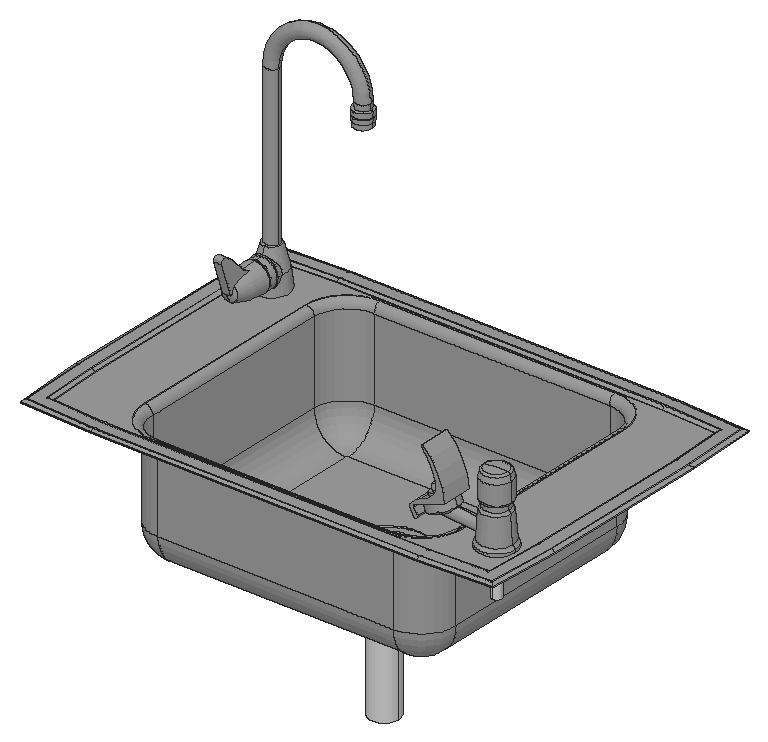
Revit family "equip-sink-clsrm-elkay-s-celebrity-cdkrad2517c", category Plumbing Fixtures, Revit 2019 (continued)
Definition of nested family "equip-faucet-elkay-LKD208513-L"
  Automatic sketch dimensions
    curve 14 to curve 5 = 0' - 0"
    curve 5 to curve 13 = 0' - 0 3/4"
    curve 4 to curve 13 = 0' - 0"
    Sweep 1 sketch curve to plane 1 "Center (Front/Back)" = 0' - 0"
    Sweep 1 sketch curve to Sweep 1 sketch curve = 0' - 2 3/8"
    plane 5 "Masking Region" to Sweep 1 sketch curve = 0' - 0 7/8"
    plane 5 "Masking Region" to Sweep 1 sketch curve = 0' - 8.3441"
    Sweep 1 sketch curve to Sweep 1 sketch curve = 0' - 0.78036"
    Sweep 1 sketch curve to plane 3 "Center (Left/Right)" = 0' - 0"
    Sweep 1 sketch curve to profile plane = 0' - 0"
    Revolve 2 sketch curve to Revolve 2 sketch curve = 0' - 0"  (x3)
    Revolve 2 sketch curve to level = 0' - 0"  (x2)
    Revolve 2 sketch curve to plane 3 "Center (Left/Right)" = 0' - 0"  (x2)
    Revolve 2 sketch curve to level = 0' - 0.23614"
    Revolve 2 sketch curve to plane 3 "Center (Left/Right)" = 0' - 6.12077"
    plane 3 "Center (Left/Right)" to Revolve 2 sketch curve = 0' - 0.29525"
    Revolve 2 sketch curve to Revolve 2 sketch curve = 0' - 0.17375"
    Revolve 2 sketch curve to plane 5 "Masking Region" = 0' - 0.28404"
    plane 3 "Center (Left/Right)" to Revolve 2 sketch curve = 0' - 0.77524"
    Revolve 2 sketch curve to Revolve 2 sketch curve = 0' - 0.107"
    Revolve 3 sketch curve to Revolve 3 sketch curve = 0' - 0.01732"
    Revolve 3 sketch curve to Revolve 3 sketch curve = 0' - 0"  (x3)
    Revolve 3 sketch curve to Revolve 3 sketch curve = 0' - 0.0035"
    Revolve 3 sketch curve to Revolve 3 sketch curve = 0' - 0.03176"
    Revolve 3 sketch curve to Revolve 3 sketch curve = 0' - 0.085"
    Revolve 3 sketch curve to Revolve 3 sketch curve = 0' - 0.22789"
    Revolve 3 sketch curve to Revolve 3 sketch curve = 0' - 0.30543"
    plane 5 "Masking Region" to Revolve 3 sketch curve = 0' - 8.01525"
    Revolve 3 sketch curve to Revolve 3 sketch curve = 0' - 0.265"
    Revolve 3 sketch curve to Revolve 3 sketch curve = 0' - 0.185"
    Revolve 3 sketch curve to Revolve 3 sketch curve = 0' - 0.05968"
    Revolve 3 sketch curve to Revolve 3 sketch curve = 0' - 0.096"
    Revolve 3 sketch curve to Revolve 3 sketch curve = 0' - 0.23"
    Revolve 3 sketch curve to Revolve 3 sketch curve = 0' - 0.14661"
    Masking region 1 sketch curve to plane 3 "Center (Left/Right)" = 0' - 0"
    Masking region 1 sketch curve to plane 1 "Center (Front/Back)" = 0' - 0.00168"
    plane 3 "Center (Left/Right)" to Masking region 1 sketch curve = 0' - 0"
    plane 1 "Center (Front/Back)" to Masking region 1 sketch curve = 0' - 0.00168"
    plane 1 "Center (Front/Back)" to Masking region 2 sketch curve = 0' - 0"
    plane 1 "Center (Front/Back)" to curve 9 = 0' - 0"
    curve 9 to plane 3 "Center (Left/Right)" = 0' - 0"
    plane 6 "CL Back Conn" to curve 20 = 0' - 0.27501"
    curve 20 to curve 19 = 0' - 0"  (x2)
    plane 6 "CL Back Conn" to curve 21 = 0' - 0.39804"
    curve 21 to curve 21 = 0' - 0.14744"
    curve 9 to plane 7 "CL Front Conn" = 0' - 0.0783"  (x2)
    curve 19 to plane 7 "CL Front Conn" = 0' - 0.27499"
    curve 9 to curve 18 = 0' - 0.31973"
    curve 18 to curve 18 = 0' - 0.14744"
    curve 9 to plane 3 "Center (Left/Right)" = 0' - 0 3/8"
    curve 18 to curve 9 = 0' - 0.20061"
    curve 21 to plane 3 "Center (Left/Right)" = 0' - 0.57561"
    curve 19 to curve 18 = 0' - 0.44464"
    curve 20 to curve 19 = 0' - 0.11475"
    Masking region 3 sketch curve to plane 3 "Center (Left/Right)" = 0' - 1.06891"  (x2)
    Masking region 3 sketch curve to Masking region 3 sketch curve = 0' - 0.01748"
    Masking region 3 sketch curve to Masking region 3 sketch curve = 0' - 0.02693"
    Masking region 3 sketch curve to Masking region 3 sketch curve = 0' - 0.06211"  (x2)
    Masking region 3 sketch curve to Masking region 3 sketch curve = 0' - 0.01698"  (x2)
    Masking region 3 sketch curve to Masking region 3 sketch curve = 0' - 0.22302"  (x2)
    plane 6 "CL Back Conn" to Masking region 3 sketch curve = 0' - 0.18897"
    Masking region 3 sketch curve to plane 6 "CL Back Conn" = 0' - 0 11/256"
    plane 1 "Center (Front/Back)" to Masking region 3 sketch curve = 0' - 0.00066"
    plane 7 "CL Front Conn" to Masking region 3 sketch curve = 0' - 0 11/256"
    Masking region 3 sketch curve to plane 7 "CL Front Conn" = 0' - 0.18896"
    Masking region 3 sketch curve to plane 7 "CL Front Conn" = 0' - 0.27499"
    Masking region 3 sketch curve to Masking region 3 sketch curve = 0' - 0.01801"
    Masking region 3 sketch curve to Masking region 3 sketch curve = 0' - 0.04464"
    Masking region 3 sketch curve to plane 3 "Center (Left/Right)" = 0' - 1.135"
    Masking region 3 sketch curve to Masking region 3 sketch curve = 0' - 0"
    Masking region 3 sketch curve to Masking region 3 sketch curve = 0' - 0.1075"
    Masking region 3 sketch curve to Masking region 3 sketch curve = 0' - 0.11475"  (x2)
    Masking region 3 sketch curve to Masking region 3 sketch curve = 0' - 0.3843"  (x2)
    Masking region 3 sketch curve to Masking region 3 sketch curve = 0' - 0.00045"  (x2)
    Masking region 3 sketch curve to Masking region 3 sketch curve = 0' - 0.17658"
    Masking region 3 sketch curve to Masking region 3 sketch curve = 0' - 0.17856"
    Masking region 4 sketch curve to plane 6 "CL Back Conn" = 0' - 0 11/256"
    plane 7 "CL Front Conn" to Masking region 4 sketch curve = 0' - 0 11/256"
    Masking region 4 sketch curve to plane 3 "Center (Left/Right)" = 0' - 3.51977"
    Masking region 4 sketch curve to plane 3 "Center (Left/Right)" = 0' - 1.40178"
    Masking region 3 sketch curve to plane 1 "Center (Front/Back)" = 0' - 0.525"
    Masking region 3 sketch curve to Masking region 3 sketch curve = 0' - 0.00281"  (x2)
    Masking region 3 sketch curve to Masking region 3 sketch curve = 0' - 2.94083"  (x2)
    Sweep 1 sketch curve to plane 7 "CL Front Conn" = 0' - 2 1/8"
    Revolve 3 sketch curve to plane 7 "CL Front Conn" = 0' - 5.03331"
    Masking region 1 sketch curve to plane 7 "CL Front Conn" = 0' - 0.542"
    Masking region 1 sketch curve to plane 3 "Center (Left/Right)" = 0' - 0.37029"
    Revolve 8 sketch curve to plane 3 "Center (Left/Right)" = 0' - 0"
    Revolve 8 sketch curve to plane 3 "Center (Left/Right)" = 0' - 0.5805"
    Revolve 8 sketch curve to Revolve 8 sketch curve = 0' - 0.07864"
    Revolve 8 sketch curve to Revolve 8 sketch curve = 0' - 0.08014"
    Revolve 8 sketch curve to Revolve 8 sketch curve = 0' - 0"
    Revolve 8 sketch curve to plane 3 "Center (Left/Right)" = 0' - 0.77227"
    Revolve 8 sketch curve to Revolve 8 sketch curve = 0' - 0.35961"
    Revolve 8 sketch curve to plane 5 "Masking Region" = 0' - 0 9/32"  (x2)
    plane 11 "Left" to Revolve 8 sketch curve = 0' - 2.89627"
    plane 11 "Left" to Revolve 8 sketch curve = 0' - 1.87602"
    plane 5 "Masking Region" to Revolve 8 sketch curve = 0' - 0.37869"
    Revolve 8 sketch curve to plane 4 "Bottom of Stem" = 0' - 3.15686"
    plane 5 "Masking Region" to Revolve 8 sketch curve = 0' - 0.4665"
    Revolve 6 sketch curve to plane 11 "Left" = 0' - 0.05701"
    Revolve 6 sketch curve to Revolve 6 sketch curve = 0' - 0"  (x2)
    plane 11 "Left" to Revolve 6 sketch curve = 0' - 0.14075"
    plane 5 "Masking Region" to Revolve 6 sketch curve = 0' - 0.24375"
    Revolve 6 sketch curve to plane 3 "Center (Left/Right)" = 0' - 1.135"
    Revolve 6 sketch curve to plane 4 "Bottom of Stem" = 0' - 0.66696"
    Revolve 6 sketch curve to plane 3 "Center (Left/Right)" = 0' - 1.06817"
    Revolve 6 sketch curve to Revolve 6 sketch curve = 0' - 0.11475"  (x2)
    Revolve 6 sketch curve to plane 4 "Bottom of Stem" = 0' - 1.0379"
    Revolve 6 sketch curve to plane 10 "Right" = 0' - 3.90222"
    Revolve 6 sketch curve to plane 5 "Masking Region" = 0' - 0 9/32"
    Extrusion 5 sketch curve to plane 11 "Left" = 0' - 0"
    Extrusion 5 sketch curve to plane 11 "Left" = 0' - 0.13961"
    Extrusion 5 sketch curve to Extrusion 5 sketch curve = 0' - 0.4735"
    Extrusion 5 sketch curve to plane 5 "Masking Region" = 0' - 0 9/32"
    plane 11 "Left" to Extrusion 5 sketch curve = 0' - 0.3035"
    Extrusion 5 sketch curve to Extrusion 5 sketch curve = 0' - 0.43428"
    Extrusion 5 sketch curve to Extrusion 5 sketch curve = 0' - 0.19985"
    Extrusion 5 sketch curve to Extrusion 5 sketch curve = 0' - 0.36517"
    Extrusion 5 sketch curve to Extrusion 5 sketch curve = 0' - 0.2375"
    Extrusion 5 sketch curve to plane 10 "Right" = 0' - 3.90222"
    plane 5 "Masking Region" to Extrusion 5 sketch curve = 0' - 0.37654"
    Extrusion 5 sketch curve to Extrusion 5 sketch curve = 0' - 0.08321"
    Extrusion 5 sketch curve to Extrusion 5 sketch curve = 0' - 0.13034"
    Extrusion 5 sketch curve to Extrusion 5 sketch curve = 0' - 0.07775"
    Extrusion 5 sketch curve to Extrusion 5 sketch curve = 0' - 0.23774"
    Extrusion 5 sketch curve to plane 11 "Left" = 0' - 0.05701"
    Masking region 2 sketch curve to plane 3 "Center (Left/Right)" = 0' - 0"  (x2)
    Masking region 2 sketch curve to plane 3 "Center (Left/Right)" = 0' - 0 3/8"
    Masking region 2 sketch curve to plane 9 "Front" = 0' - 3.55779"
    Masking region 2 sketch curve to Masking region 2 sketch curve = 0' - 0.33541"
    curve 25 to plane 3 "Center (Left/Right)" = 0' - 0"
    curve 25 to curve 25 = 0' - 0 3/8"
    curve 25 to plane 9 "Front" = 0' - 3 229/256"
    curve 24 to curve 24 = 0' - 0.33674"
    curve 25 to curve 26 = 0' - 0.33674"
    radius of Sweep 1 sketch curve = 0' - 0 3/8"
  Connectors (in)
    piping at (0, -0.2500092, -2.12225), diameter 0.375, driven by "Nominal Radius", driven by "HW Flow Rate"
      settings: on Extrusion 4, index 1, connector inside diameter 3/8", connector length 0' - 0", flow factor 0, pipe flow 2 GPM, pressure drop 0.00 psi, fitting loss kfactor 0, connector angle 0.00°, fixture units 0, engagement length 0' - 0", angle of deflection 0.00°, flow configuration 1, flow direction 1, fitting loss method 0, system type 29, joint type 0, gender type 0, connector reference index -1, connector utility 0, adjustable connector no, is connector primary yes, connector description "Hot Water Supply"
    piping at (0, 0.2499908, -2.12225), diameter 0.375, driven by "CW Flow Rate", driven by "Nominal Radius"
      settings: on Extrusion 7, index 2, connector inside diameter 3/8", connector length 0' - 0", flow factor 0, pipe flow 2 GPM, pressure drop 0.00 psi, fitting loss kfactor 0, connector angle 0.00°, fixture units 0, engagement length 0' - 0", angle of deflection 0.00°, flow configuration 1, flow direction 1, fitting loss method 0, system type 29, joint type 0, gender type 0, connector reference index -1, connector utility 0, adjustable connector no, is connector primary no, connector description "Cold Water Supply"
Definition of nested family "equip-bubbler-elkay-LK1141A"
  Parameters
    Stem Material = none
    Nominal Radius = Nominal Dia / 2  # 0' - 0 1/4"
    Nominal Dia = 0' - 0 1/2"
    Default Elevation = 0' - 0"
    CW Flow Rate = 2 GPM
    Bubbler Material = none
  Reference planes (in)
    plane 1 "Center (Front/Back)": y = 0
    plane 2 "Sink Deck": z = 0
    plane 3 "Center (Left/Right)": x = 0
    plane 4 "Top of Stem": z = -1.8338436
    plane 5 "Bottom of Stem": z = -2.396449
    plane 6: y = -0.5313496
    plane 7: y = 0.4090766
    plane 8 "Masking Region": z = 1.25
  Forms (in)
    Revolve 1, solid, material <- "Bubbler Material"
      sketch origin (0, 0, 0) x (0, 1, 0) y (0, 0, 1)
        loop
          arc (0.5914336, 3.612634) -> (0.2965257, 3.6454053) -> (0, 3.6562291) r 4.0007498
          line (0, 3.6562291) -> (0, -0.1593348) -> (0.875164, -0.1593348) -> (0.875164, 0) -> (0.9701818, 0) -> (0.9701818, 0.1251373)
          arc (0.9701818, 0.1251373) -> (0.8853055, 0.2072757) -> (0.8475999, 0.3192087) r 0.2500469
          line (0.8475999, 0.3192087) -> (0.7501405, 1.7129414) -> (0.656373, 1.8753514) -> (0.656373, 2.1759516) -> (0.7076326, 2.1759516)
          arc (0.7076326, 2.1759516) -> (0.751835, 2.1942608) -> (0.7701443, 2.2384633) r 0.0625117
          line (0.7701443, 2.2384633) -> (0.7701443, 3.2363745) -> (0.6938299, 3.5211835)
          arc (0.6938299, 3.5211835) -> (0.6563073, 3.5822212) -> (0.5914336, 3.612634) r 0.1250234
        axis (0, 3.6562291) -> (0, -0.1593348)
      angle from 0 to 360
    Sweep 2, solid, material <- "Bubbler Material"
      path origin (0, 0, 0) x (0, 1, 0) y (0, 0, 1)
        loop
          line (-2.8502562, 0.8440117) -> (-0.5626054, 0.6280675)
      profile origin (0, -1.7064308, 0.7360396) x (0, 0.093978, 0.995574) y (1, 0, 0)
        loop
          circle (0, 0) r 0.3125
    Revolve 3, solid, material <- "Bubbler Material"
      sketch origin (0, 0, 0) x (0, 1, 0) y (0, 0, 1)
        loop
          line (-2.1521723, 1.5437962) -> (-2.4412307, 1.4385875) -> (-2.5464081, 1.7275601) -> (-2.7263375, 1.6620711) -> (-2.7533622, 1.7363208) -> (-2.8858066, 1.925471) -> (-3.0892381, 1.851428) -> (-2.6894923, 0.728533) -> (-2.4188322, 0.7009063) -> (-1.9964574, 1.1159728) -> (-2.1521723, 1.5437962)
        axis (-3.0897506, 1.8528678) -> (-2.6503201, 0.6184976)
      angle from 0 to 360
    Extrusion 4, solid, material <- "Bubbler Material"
      sketch origin (0, 0, 0) x (0, 1, 0) y (0, 0, 1)
        loop
          spline (-2.0645159, 1.5454225) -> (-2.0914575, 1.7681631) -> (-2.1317037, 1.988888) -> (-2.1851098, 2.2068031) -> (-2.2514837, 2.4211246) -> (-2.3305865, 2.6310814) -> (-2.4221338, 2.8359184) -> (-2.5257963, 3.0348987) -> (-2.6412009, 3.2273065) -> (-2.7679327, 3.4124497) -> (-2.9055357, 3.5896623) -> (-3.0535149, 3.7583068) -> (-3.2113381, 3.9177766)
          line (-3.2113381, 3.9177766) -> (-3.2507412, 3.8994028)
          arc (-3.2507412, 3.8994028) -> (-3.2859395, 3.8580672) -> (-3.2776762, 3.8044085) r 0.0652474
          line (-3.2776762, 3.8044085) -> (-3.1864297, 3.6657079) -> (-3.1671955, 3.6392596) -> (-3.146438, 3.6112881) -> (-3.1242823, 3.5819839) -> (-3.1029382, 3.5542257) -> (-2.9435289, 3.3265251) -> (-2.8053182, 3.0812272) -> (-2.6917919, 2.8234271) -> (-2.6373, 2.6712074) -> (-2.5965336, 2.5316473) -> (-2.5655835, 2.40285) -> (-2.5423986, 2.2833308) -> (-2.5366648, 2.2425377) -> (-2.5332039, 2.1987928) -> (-2.5325358, 2.1511599) -> (-2.5354917, 2.0988663) -> (-2.5432371, 2.0412932) -> (-2.6123404, 1.8352346) -> (-2.6620685, 1.7513877) -> (-2.7273571, 1.6680712)
          arc (-2.7273571, 1.6680712) -> (-2.819005, 1.5758208) -> (-2.9296066, 1.5074337) r 0.55487
          line (-2.9296066, 1.5074337) -> (-3.3932885, 1.2912149) -> (-3.5618361, 1.2126197) -> (-3.8924082, 0.9084335)
          spline (-3.8924082, 0.9084335) -> (-3.8985686, 0.9021299) -> (-3.903986, 0.8951774) -> (-3.9085926, 0.887663) -> (-3.9123307, 0.8796809) -> (-3.9151535, 0.871331) -> (-3.9170256, 0.8627179) -> (-3.9179237, 0.8539496) -> (-3.9178363, 0.8451358) -> (-3.9167646, 0.836387) -> (-3.9147221, 0.8278126) -> (-3.9117344, 0.8195202) -> (-3.9078387, 0.8116135)
          line (-3.9078387, 0.8116135) -> (-3.6678021, 0.3862632)
          arc (-3.6678021, 0.3862632) -> (-3.6470836, 0.3693458) -> (-3.6203365, 0.3695683) r 0.0393775
          line (-3.6203365, 0.3695683) -> (-3.5144583, 0.4081048)
          spline (-3.5144583, 0.4081048) -> (-3.5092396, 0.4104463) -> (-3.5044152, 0.4135192) -> (-3.5000869, 0.4172587) -> (-3.496346, 0.4215858) -> (-3.4932715, 0.4264092) -> (-3.4909283, 0.4316272) -> (-3.4893657, 0.4371296) -> (-3.4886167, 0.4428003) -> (-3.4886973, 0.4485198) -> (-3.4896056, 0.4541672) -> (-3.4913224, 0.4596234) -> (-3.4938117, 0.4647734)
          line (-3.4938117, 0.4647734) -> (-3.6833603, 0.8590488)
          spline (-3.6833603, 0.8590488) -> (-3.6881631, 0.8693314) -> (-3.691438, 0.8801977) -> (-3.6931171, 0.8914218) -> (-3.6931654, 0.9027707) -> (-3.691582, 0.9140088) -> (-3.6883997, 0.9249026) -> (-3.6836845, 0.9352259) -> (-3.6775346, 0.9447643) -> (-3.6700774, 0.9533197) -> (-3.661468, 0.9607144) -> (-3.6518851, 0.966795) -> (-3.6415278, 0.971435)
          line (-3.6415278, 0.971435) -> (-2.0645159, 1.5454225)
      from -0.7801168 to 0.7800503
    Extrusion 5, solid, material <- "Stem Material"
      sketch origin (0, 0, 0) x (1, 0, 0) y (0, 1, 0)
        loop
          circle (0, 0) r 0.25
      from -2.396449 to 0
  Cuts and joins
    joined: Revolve 1, Sweep 2
  Lines and regions (in)
    Masking region 1
      outline origin (0, 0, 1.25) x (0, -1, 0) y (1, 0, 0)
        loop
          line (3.9197519, 0.7800503) -> (2.0645159, 0.7800503) -> (2.0645159, 0.3125) -> (0.9184751, 0.3125)
          arc (0.9184751, 0.3125) -> (-0.9701818, 0) -> (0.9184751, -0.3125) r 0.9701818
          line (0.9184751, -0.3125) -> (2.0645159, -0.3125) -> (2.0645159, -0.7801168) -> (3.9197519, -0.7801168) -> (3.9197519, 0.7800503)
    reference lines, not visible
      curve 1: circle (0, 0, -2.396449) r 0.25 normal (0, 0, 1)
    symbolic lines
      curve 2: line (-0.3125, -2.0645159, 1.25) -> (0.3125, -2.0645159, 1.25)
      curve 3: arc (0.3125, -0.9184751, 1.25) -> (0, -0.9701818, 1.25) -> (-0.3125, -0.9184751, 1.25) r 0.9701818
      curve 4: circle (0, 0, 1.25) r 0.7501405 normal (0, 0, 1)
  Dimensions and locks (in)
    level to plane 5 "Bottom of Stem" = 0' - 2.39645"
    locked: plane 8 "Masking Region" to plane 2 "Sink Deck" at 1.25
    "Nominal Radius": radius of curve 1
    aligned and locked: Extrusion 5 sketch curve to curve 1
    aligned and locked: Extrusion 5 to plane 5 "Bottom of Stem"
    aligned and locked: level to Extrusion 5
  Automatic sketch dimensions
    plane 1 "Center (Front/Back)" to curve 1 = 0' - 0"
    curve 1 to plane 3 "Center (Left/Right)" = 0' - 0"
    Sweep 2 sketch curve to plane 3 "Center (Left/Right)" = 0' - 0"
    Sweep 2 sketch curve to profile plane = 0' - 0"
    curve 3 to curve 4 = 0' - 0"  (x2)
    plane 1 "Center (Front/Back)" to curve 3 = 0' - 0"
    curve 3 to plane 3 "Center (Left/Right)" = 0' - 0"
    curve 3 to plane 6 = 0' - 0.38713"
    curve 3 to plane 3 "Center (Left/Right)" = 0' - 0 5/16"
    curve 3 to curve 3 = 0' - 0"
    plane 3 "Center (Left/Right)" to curve 2 = 0' - 0 5/16"
    curve 3 to curve 2 = 0' - 1.14604"
    curve 2 to plane 3 "Center (Left/Right)" = 0' - 0 5/16"
    plane 1 "Center (Front/Back)" to Masking region 1 sketch curve = 0' - 0"
    Masking region 1 sketch curve to plane 3 "Center (Left/Right)" = 0' - 0"
    Masking region 1 sketch curve to plane 6 = 0' - 0.38713"
    plane 3 "Center (Left/Right)" to Masking region 1 sketch curve = 0' - 0 5/16"
    Masking region 1 sketch curve to Masking region 1 sketch curve = 0' - 0"  (x2)
    Masking region 1 sketch curve to Masking region 1 sketch curve = 0' - 1.14604"
    plane 3 "Center (Left/Right)" to Masking region 1 sketch curve = 0' - 0.78005"
    Masking region 1 sketch curve to Masking region 1 sketch curve = 0' - 1.85524"
    Masking region 1 sketch curve to Masking region 1 sketch curve = 0' - 0.46762"
    Revolve 1 sketch curve to plane 1 "Center (Front/Back)" = 0' - 0"  (x2)
    Revolve 1 sketch curve to level = 0' - 0"
    Revolve 1 sketch curve to plane 1 "Center (Front/Back)" = 0' - 0.00242"
    plane 7 to Revolve 1 sketch curve = 0' - 0.16395"
    Revolve 1 sketch curve to Revolve 1 sketch curve = 0' - 0.01841"
    Revolve 1 sketch curve to Revolve 1 sketch curve = 0' - 0"  (x3)
    plane 7 to Revolve 1 sketch curve = 0' - 0.2473"
    Revolve 1 sketch curve to Revolve 1 sketch curve = 0' - 0.1208"
    Revolve 1 sketch curve to Revolve 1 sketch curve = 0' - 0.05126"
    Revolve 1 sketch curve to Revolve 1 sketch curve = 0' - 0 3/32"
    Revolve 1 sketch curve to Revolve 1 sketch curve = 0' - 0 1/16"
    plane 7 to Revolve 1 sketch curve = 0' - 0.43852"
    Revolve 1 sketch curve to level = 0' - 0.15933"
    plane 7 to Revolve 1 sketch curve = 0' - 0.46609"
    Revolve 1 sketch curve to Revolve 1 sketch curve = 0' - 0.09502"
    Revolve 1 sketch curve to Revolve 1 sketch curve = 0' - 0.24911"
    Revolve 1 sketch curve to Revolve 1 sketch curve = 0' - 0.18519"
    level to Revolve 1 sketch curve = 0' - 0.12514"
    Revolve 1 sketch curve to Revolve 1 sketch curve = 0' - 0.19407"
    plane 8 "Masking Region" to Revolve 1 sketch curve = 0' - 0.46294"
    Revolve 1 sketch curve to Revolve 1 sketch curve = 0' - 0.16241"
    Revolve 1 sketch curve to Revolve 1 sketch curve = 0' - 0.3006"
    Revolve 1 sketch curve to Revolve 1 sketch curve = 0' - 0.99791"
    Revolve 1 sketch curve to Revolve 1 sketch curve = 0' - 0.2526"
    Sweep 2 sketch curve to plane 8 "Masking Region" = 0' - 0.40599"
    Sweep 2 sketch curve to plane 6 = 0' - 2.31891"
    Sweep 2 sketch curve to plane 6 = 0' - 0 1/32"
    Sweep 2 sketch curve to plane 8 "Masking Region" = 0' - 0.62193"
    Extrusion 4 sketch curve to plane 8 "Masking Region" = 0' - 0.04221"
    Extrusion 4 sketch curve to plane 6 = 0' - 5.25872"
    Extrusion 4 sketch curve to plane 8 "Masking Region" = 0' - 0.43839"
    Extrusion 4 sketch curve to Extrusion 4 sketch curve = 0' - 1.88223"
    Extrusion 4 sketch curve to plane 8 "Masking Region" = 0' - 0.34157"
    Extrusion 4 sketch curve to Extrusion 4 sketch curve = 0' - 0.01543"
    Extrusion 4 sketch curve to Extrusion 4 sketch curve = 0' - 0.06859"
    Extrusion 4 sketch curve to Extrusion 4 sketch curve = 0' - 0.074"  (x2)
    Extrusion 4 sketch curve to Extrusion 4 sketch curve = 0' - 0.08189"
    level to Extrusion 4 sketch curve = 0' - 0.38626"
    Extrusion 4 sketch curve to Extrusion 4 sketch curve = 0' - 0.01556"
    Extrusion 4 sketch curve to plane 8 "Masking Region" = 0' - 0.27857"
    Extrusion 4 sketch curve to Extrusion 4 sketch curve = 0' - 0.04183"
    Extrusion 4 sketch curve to Extrusion 4 sketch curve = 0' - 0.03378"
    level to Extrusion 4 sketch curve = 0' - 0.36957"
    Extrusion 4 sketch curve to Extrusion 4 sketch curve = 0' - 0.01368"
    Extrusion 4 sketch curve to Extrusion 4 sketch curve = 0' - 0.02694"
    Extrusion 4 sketch curve to plane 8 "Masking Region" = 0' - 0.03738"
    Extrusion 4 sketch curve to Extrusion 4 sketch curve = 0' - 0.07969"
    Extrusion 4 sketch curve to Extrusion 4 sketch curve = 0' - 0.10609"
    level to Extrusion 4 sketch curve = 0' - 0.4081"
    Extrusion 4 sketch curve to Extrusion 4 sketch curve = 0' - 0.01347"
    Extrusion 4 sketch curve to Extrusion 4 sketch curve = 0' - 0.03411"
    Extrusion 4 sketch curve to Extrusion 4 sketch curve = 0' - 0.00289"
    plane 8 "Masking Region" to Extrusion 4 sketch curve = 0' - 0.04121"
    Extrusion 4 sketch curve to Extrusion 4 sketch curve = 0' - 0.16855"
    Extrusion 4 sketch curve to Extrusion 4 sketch curve = 0' - 0.11561"
    Extrusion 4 sketch curve to Extrusion 4 sketch curve = 0' - 0.02693"
    Extrusion 4 sketch curve to Extrusion 4 sketch curve = 0' - 0.05451"
    Extrusion 4 sketch curve to Extrusion 4 sketch curve = 0' - 0.0394"
    Extrusion 4 sketch curve to Extrusion 4 sketch curve = 0' - 0.09125"
    Extrusion 4 sketch curve to Extrusion 4 sketch curve = 0' - 0.01923"
    Extrusion 4 sketch curve to Extrusion 4 sketch curve = 0' - 0.22918"
    Extrusion 4 sketch curve to Extrusion 4 sketch curve = 0' - 0.02076"
    Extrusion 4 sketch curve to Extrusion 4 sketch curve = 0' - 0.02216"
    Extrusion 4 sketch curve to Extrusion 4 sketch curve = 0' - 0.02134"
    Extrusion 4 sketch curve to Extrusion 4 sketch curve = 0' - 0.15941"
    plane 8 "Masking Region" to Extrusion 4 sketch curve = 0' - 0.25743"
    Extrusion 4 sketch curve to Extrusion 4 sketch curve = 0' - 0.46368"
    Extrusion 4 sketch curve to Extrusion 4 sketch curve = 0' - 0.13821"
    Extrusion 4 sketch curve to Extrusion 4 sketch curve = 0' - 0.20225"
    Extrusion 4 sketch curve to Extrusion 4 sketch curve = 0' - 0.11353"
    plane 8 "Masking Region" to Extrusion 4 sketch curve = 0' - 0.50139"
    Extrusion 4 sketch curve to Extrusion 4 sketch curve = 0' - 0.06529"
    Extrusion 4 sketch curve to Extrusion 4 sketch curve = 0' - 0.05449"
    plane 8 "Masking Region" to Extrusion 4 sketch curve = 0' - 0.58523"
    Extrusion 4 sketch curve to Extrusion 4 sketch curve = 0' - 0.04973"
    Extrusion 4 sketch curve to Extrusion 4 sketch curve = 0' - 0.04077"
    Extrusion 4 sketch curve to Extrusion 4 sketch curve = 0' - 0.03095"
    plane 8 "Masking Region" to Extrusion 4 sketch curve = 0' - 0.79129"
    Extrusion 4 sketch curve to Extrusion 4 sketch curve = 0' - 0.0691"
    Extrusion 4 sketch curve to Extrusion 4 sketch curve = 0' - 0.02318"
    plane 8 "Masking Region" to Extrusion 4 sketch curve = 0' - 0.99254"
    Extrusion 4 sketch curve to Extrusion 4 sketch curve = 0' - 0.00573"
    plane 8 "Masking Region" to Extrusion 4 sketch curve = 0' - 0.84887"
    Extrusion 4 sketch curve to Extrusion 4 sketch curve = 0' - 0.00775"
    plane 8 "Masking Region" to Extrusion 4 sketch curve = 0' - 0.94879"
    Extrusion 4 sketch curve to Extrusion 4 sketch curve = 0' - 0.00346"
    plane 8 "Masking Region" to Extrusion 4 sketch curve = 0' - 0.90116"
    Extrusion 4 sketch curve to Extrusion 4 sketch curve = 0' - 0.00067"
    plane 8 "Masking Region" to Extrusion 4 sketch curve = 0' - 0.29542"
    Extrusion 4 sketch curve to Extrusion 4 sketch curve = 0' - 0.54782"
    Extrusion 4 sketch curve to Extrusion 4 sketch curve = 0' - 0.037"
    Extrusion 4 sketch curve to Extrusion 4 sketch curve = 0' - 0.01821"
    Extrusion 4 sketch curve to Extrusion 4 sketch curve = 0' - 0.08332"
    Extrusion 4 sketch curve to Extrusion 4 sketch curve = 0' - 0.04079"
    Extrusion 4 sketch curve to Extrusion 4 sketch curve = 0' - 0.11952"
    Extrusion 4 sketch curve to Extrusion 4 sketch curve = 0' - 0.1288"
    Extrusion 4 sketch curve to Extrusion 4 sketch curve = 0' - 0.13956"
    Extrusion 4 sketch curve to Extrusion 4 sketch curve = 0' - 0.15222"
    Extrusion 4 sketch curve to Extrusion 4 sketch curve = 0' - 0 33/128"
    Extrusion 4 sketch curve to Extrusion 4 sketch curve = 0' - 0.2453"
    Extrusion 4 sketch curve to Extrusion 4 sketch curve = 0' - 0.2277"
    Extrusion 4 sketch curve to Extrusion 4 sketch curve = 0' - 0.02776"
    Extrusion 4 sketch curve to Extrusion 4 sketch curve = 0' - 0.0293"
    Extrusion 4 sketch curve to Extrusion 4 sketch curve = 0' - 0.02797"
    Extrusion 4 sketch curve to Extrusion 4 sketch curve = 0' - 0.02645"
    Extrusion 4 sketch curve to Extrusion 4 sketch curve = 0' - 0.1387"
    Extrusion 4 sketch curve to Extrusion 4 sketch curve = 0' - 0.03586"
    Extrusion 4 sketch curve to Extrusion 4 sketch curve = 0' - 0.01837"
    plane 8 "Masking Region" to Revolve 3 sketch curve = 0' - 0.60143"
    Revolve 3 sketch curve to plane 6 = 0' - 2.55789"
    plane 8 "Masking Region" to Revolve 3 sketch curve = 0' - 0.67547"
    Revolve 3 sketch curve to Revolve 3 sketch curve = 0' - 0.20343"
    plane 8 "Masking Region" to Revolve 3 sketch curve = 0' - 0.00034"
    Revolve 3 sketch curve to Revolve 3 sketch curve = 0' - 0.21399"
    plane 8 "Masking Region" to Revolve 3 sketch curve = 0' - 0.48632"
    Revolve 3 sketch curve to Revolve 3 sketch curve = 0' - 0.13244"
    Revolve 3 sketch curve to plane 8 "Masking Region" = 0' - 0.41205"
    Revolve 3 sketch curve to Revolve 3 sketch curve = 0' - 0.14681"
    plane 8 "Masking Region" to Revolve 3 sketch curve = 0' - 0.41207"
    Revolve 3 sketch curve to Revolve 3 sketch curve = 0' - 0.02702"
    Revolve 3 sketch curve to plane 8 "Masking Region" = 0' - 0.52147"
    Revolve 3 sketch curve to Revolve 3 sketch curve = 0' - 0.03895"
    plane 8 "Masking Region" to Revolve 3 sketch curve = 0' - 0.47756"
    plane 8 "Masking Region" to Revolve 3 sketch curve = 0' - 0.18859"
    Revolve 3 sketch curve to plane 8 "Masking Region" = 0' - 0.54909"
    Revolve 3 sketch curve to Revolve 3 sketch curve = 0' - 0.27066"
    plane 8 "Masking Region" to Revolve 3 sketch curve = 0' - 0.2938"
    Revolve 3 sketch curve to plane 8 "Masking Region" = 0' - 0.13403"
    Revolve 3 sketch curve to Revolve 3 sketch curve = 0' - 0.15571"
    radius of Sweep 2 sketch curve = 0' - 0 5/16"
    radius of curve 4 = 0' - 0.75014"
  Connectors (in)
    piping at (0, 0, -2.396449), diameter 0.5, driven by "Nominal Radius", driven by "CW Flow Rate"
      settings: on Extrusion 5, index 1, connector inside diameter 1/2", connector length 0' - 0", flow factor 0, pipe flow 2 GPM, pressure drop 0.00 psi, fitting loss kfactor 0, connector angle 0.00°, fixture units 0, engagement length 0' - 0", angle of deflection 0.00°, flow configuration 1, flow direction 1, fitting loss method 0, system type 29, joint type 0, gender type 0, connector reference index -1, connector utility 0, adjustable connector no, is connector primary yes, connector description "Cold Water Supply"
Definition of nested family "equip-drain-elkay-LK35"
  Parameters
    Type Comments = ""
    Stem Material = none
    OmniClass Title = "Drains (Wastes)"
    OmniClass Code = "23.45.55.21"
    Model = "LK35"
    MasterFormat Title = "Plumbing"
    MasterFormat Number = "22 00 00"
    Manufacturer = "Elkay"
    Keynote = ""
    Drain Material = none
    Description = ""
    Default Elevation = 0' - 0"
    Cost = 0
    Assembly Code = "D2030400"
  Reference planes (in)
    plane 1 "Center (Front/Back)": y = 0.1875
    plane 2 "Sink Bowl Bottom (Top Face)": z = 0
    plane 3 "Center (Left/Right)": x = 0
    plane 4 "Bottom of Pipe Extension": z = -7.5
    plane 5 "Bottom of Drain Basket": z = -2
    plane 6: y = -2.0625
    plane 7: y = 2.4375
  Forms (in)
    Extrusion 1, solid, material <- "Stem Material"
      sketch origin (0, 0, 0) x (1, 0, 0) y (0, 1, 0)
        loop
          circle (0, 0.1875) r 0.75
      from -7.5 to -2
    Revolve 2, solid, material <- "Drain Material"
      sketch origin (0, 0.1875, 0) x (1, 0, 0) y (0, 0, 1)
        loop
          arc (1.0902439, -1.7526044) -> (1.1262395, -1.6873477) -> (1.195166, -1.6583919) r 0.1120789
          arc (1.195166, -1.6583919) -> (1.497604, -1.519626) -> (1.6210938, -1.2106356) r 0.4483156
          line (1.6210938, -1.2106356) -> (1.6210938, -0.1681184)
          arc (1.6210938, -0.1681184) -> (1.6703345, -0.0492407) -> (1.7892121, 0) r 0.1681184
          line (1.7892121, 0) -> (2.25, 0) -> (2.25, -0.1168909) -> (1.7724158, -0.1168909)
          arc (1.7724158, -0.1168909) -> (1.7565654, -0.1234564) -> (1.75, -0.1393067) r 0.0224158
          line (1.75, -0.1393067) -> (1.75, -1.5516844)
          arc (1.75, -1.5516844) -> (1.6186914, -1.8686914) -> (1.3016844, -2) r 0.4483156
          line (1.3016844, -2) -> (0.5625, -2) -> (0.5625, -1.8270695) -> (0.9990558, -1.8270695)
          arc (0.9990558, -1.8270695) -> (1.0570118, -1.8058211) -> (1.087499, -1.7521469) r 0.0896631
        axis (0, 0) -> (0, -2)
      angle from 0 to 360
    Revolve 3, solid, material <- "Drain Material"
      sketch origin (-0.1792555, 0.1875, 3.9475091) x (1, 0, 0) y (0, 0, 1)
        loop
          line (0.4473134, -4.8850091) -> (1.8003492, -4.1350091) -> (1.7439482, -4.1350091) -> (0.4402418, -4.8576653) -> (0.3293153, -4.8576653) -> (0.3072087, -4.1489566) -> (0.3938715, -4.1489566)
          arc (0.3938715, -4.1489566) -> (0.4072872, -4.1417429) -> (0.4086671, -4.1265733) r 0.0160817
          line (0.4086671, -4.1265733) -> (0.3823985, -4.0648975)
          arc (0.3823985, -4.0648975) -> (0.2816841, -4.0448039) -> (0.1792555, -4.0373528) r 0.8266894
          line (0.1792555, -4.0373528) -> (0.1792555, -4.8850091) -> (0.4473134, -4.8850091)
        axis (0.1792555, -4.0373528) -> (0.1792555, -4.8850091)
      angle from 0 to 360
  Lines and regions (in)
    Masking region 1
      outline origin (0, 0, 1.25) x (0, -1, 0) y (1, 0, 0)
        loop
          arc (0.6045052, 0.3718698) -> (-1.0592634, -0.0008665) -> (0.6052429, -0.3702945) r 0.8734425
          arc (0.6052429, -0.3702945) -> (0.6873039, 0.0008696) -> (0.6045052, 0.3718698) r 0.876483
  Dimensions and locks (in)
    locked: plane 2 "Sink Bowl Bottom (Top Face)" to plane 4 "Bottom of Pipe Extension" at 7.5
    locked: plane 6 to plane 7 at 4.5
    equal spacing: plane 6, plane 1 "Center (Front/Back)", plane 7
    locked: plane 2 "Sink Bowl Bottom (Top Face)" to plane 5 "Bottom of Drain Basket" at 2
    angle Revolve 3 sketch curve to Revolve 3 sketch curve = 29.00°
    aligned and locked: plane 5 "Bottom of Drain Basket" to Extrusion 1
    aligned and locked: Extrusion 1 to plane 4 "Bottom of Pipe Extension"
  Automatic sketch dimensions
    Masking region 1 sketch curve to plane 3 "Center (Left/Right)" = 0' - 0"
    Masking region 1 sketch curve to plane 1 "Center (Front/Back)" = 0' - 0.00168"
    plane 3 "Center (Left/Right)" to Masking region 1 sketch curve = 0' - 0"
    plane 1 "Center (Front/Back)" to Masking region 1 sketch curve = 0' - 0.00168"
    plane 3 "Center (Left/Right)" to Masking region 1 sketch curve = 0' - 0.37187"
    plane 1 "Center (Front/Back)" to Masking region 1 sketch curve = 0' - 0.79201"
    Revolve 2 sketch curve to level = 0' - 0"  (x2)
    Revolve 2 sketch curve to plane 3 "Center (Left/Right)" = 0' - 0"
    Revolve 2 sketch curve to plane 5 "Bottom of Drain Basket" = 0' - 0"  (x2)
    plane 5 "Bottom of Drain Basket" to Revolve 2 sketch curve = 0' - 0.17293"
    plane 3 "Center (Left/Right)" to Revolve 2 sketch curve = 0' - 0 9/16"
    Revolve 2 sketch curve to Revolve 2 sketch curve = 0' - 0.08844"
    Revolve 2 sketch curve to Revolve 2 sketch curve = 0' - 0.00274"
    Revolve 2 sketch curve to Revolve 2 sketch curve = 0' - 0.08528"
    Revolve 2 sketch curve to Revolve 2 sketch curve = 0' - 0.10492"
    Revolve 2 sketch curve to Revolve 2 sketch curve = 0' - 0.00003"
    Revolve 2 sketch curve to Revolve 2 sketch curve = 0' - 0.0056"
    Revolve 2 sketch curve to Revolve 2 sketch curve = 0' - 0.10652"
    Revolve 2 sketch curve to Revolve 2 sketch curve = 0' - 0.44832"
    Revolve 2 sketch curve to Revolve 2 sketch curve = 0' - 0 33/256"
    Revolve 2 sketch curve to Revolve 2 sketch curve = 0' - 0.02242"
    Revolve 2 sketch curve to Revolve 2 sketch curve = 0' - 0.0168"
    Revolve 2 sketch curve to Revolve 2 sketch curve = 0' - 0.46079"
    Revolve 2 sketch curve to Revolve 2 sketch curve = 0' - 0.05604"
    Revolve 2 sketch curve to Revolve 2 sketch curve = 0' - 0.01843"
    Revolve 2 sketch curve to Revolve 2 sketch curve = 0' - 0.00046"
    Revolve 2 sketch curve to Revolve 2 sketch curve = 0' - 0.0007"
    Revolve 2 sketch curve to Revolve 2 sketch curve = 0' - 0.02881"
    Revolve 2 sketch curve to Revolve 2 sketch curve = 0' - 0.43656"
    Revolve 3 sketch curve to plane 3 "Center (Left/Right)" = 0' - 0"  (x2)
    Revolve 3 sketch curve to plane 3 "Center (Left/Right)" = 0' - 0.00865"
    plane 3 "Center (Left/Right)" to Revolve 3 sketch curve = 0' - 0.12795"
    plane 3 "Center (Left/Right)" to Revolve 3 sketch curve = 0' - 0.15006"
    Revolve 3 sketch curve to Revolve 3 sketch curve = 0' - 0.07519"
    Revolve 3 sketch curve to Revolve 3 sketch curve = 0' - 0.01147"
    Revolve 3 sketch curve to Revolve 3 sketch curve = 0' - 0.0148"
    Revolve 3 sketch curve to Revolve 3 sketch curve = 0' - 0.11093"
    Revolve 3 sketch curve to Revolve 3 sketch curve = 0' - 0.00707"
    Revolve 3 sketch curve to level = 0' - 0 3/16"
    Revolve 3 sketch curve to Revolve 3 sketch curve = 0' - 1.33528"
    Revolve 3 sketch curve to Revolve 3 sketch curve = 0' - 0.0564"
    Revolve 3 sketch curve to Revolve 3 sketch curve = 0' - 0.02101"
    Revolve 3 sketch curve to Revolve 3 sketch curve = 0' - 0 7/256"
    Revolve 3 sketch curve to Revolve 3 sketch curve = 0' - 0.16649"
    Revolve 3 sketch curve to level = 0' - 0.20145"
    Revolve 3 sketch curve to Revolve 3 sketch curve = 0' - 0.01608"
    Revolve 3 sketch curve to Revolve 3 sketch curve = 0' - 0.06168"
    Revolve 3 sketch curve to Revolve 3 sketch curve = 0' - 0"
    plane 1 "Center (Front/Back)" to Extrusion 1 sketch curve = 0' - 0"
    Extrusion 1 sketch curve to plane 3 "Center (Left/Right)" = 0' - 0"
    radius of Extrusion 1 sketch curve = 0' - 0 3/4"
Definition of nested family "plan-detail-faucet-elkay-LKD208513-l"
  Reference planes (in)
    plane 1 "Center (Front/Back)": y = 0
    plane 2: z = 0
    plane 3 "Center (Left/Right)": x = 0
  Lines and regions (in)
    Masking region 1, in view "Ref. Level"
      outline origin (0, 0, 0) x (1, 0, 0) y (0, 1, 0)
        loop
          line (0.375, -0.7905248) -> (0.375, 0)
          arc (0.375, 0) -> (0, 0.375) -> (-0.375, 0) r 0.375
          line (-0.375, 0) -> (-0.375, -0.7905232)
          arc (-0.375, -0.7905232) -> (0.0000035, 0.8717638) -> (0.375, -0.7905248) r 0.8734425
    Masking region 2, in view "Ref. Level"
      outline origin (0, 0, 0) x (1, 0, 0) y (0, 1, 0)
        loop
          line (0.375, -4.7693411) -> (0.375, 0)
          arc (0.375, 0) -> (0, 0.375) -> (-0.375, 0) r 0.375
          line (-0.375, 0) -> (-0.375, -4.7693411)
          arc (-0.375, -4.7693411) -> (0, -5.1443411) -> (0.375, -4.7693411) r 0.375
    Masking region 3, in view "Ref. Level"
      outline origin (0, 0, 0) x (0, 1, 0) y (-1, 0, 0)
        loop
          line (0.2070312, 1.4978714) -> (0.2070312, 2.8012443) -> (-0.2070312, 2.8012443) -> (-0.2070312, 1.4978714) -> (0.2070312, 1.4978714)
    Masking region 4, in view "Ref. Level"
      outline origin (0, 0, 0) x (0, 1, 0) y (-1, 0, 0)
        loop
          line (0.2070312, 1.4017801) -> (0.2070312, 3.5197715) -> (-0.2070312, 3.5197715) -> (-0.2070312, 1.4017801) -> (0.2070312, 1.4017801)
    Masking region 5, in view "Ref. Level"
      outline origin (0, 0, 0) x (0, 1, 0) y (-1, 0, 0)
        loop
          line (0.750137, 1.02025) -> (0.5247903, 1.02025) -> (0.5247903, 1.1349999) -> (0.765, 1.1349999)
          arc (0.765, 1.1349999) -> (0.6767038, 1.9602911) -> (0.4389654, 2.7555157) r 4.5192596
          line (0.4389654, 2.7555157) -> (0.2070312, 2.8630131) -> (0.2070312, 1.4017801) -> (-0.2070313, 1.4017801) -> (-0.2070313, 2.8630131) -> (-0.4389654, 2.7555157)
          arc (-0.4389654, 2.7555157) -> (-0.6767038, 1.9602911) -> (-0.765, 1.1349999) r 4.5192596
          line (-0.765, 1.1349999) -> (-0.5247903, 1.1349999) -> (-0.5247903, 1.02025) -> (-0.750137, 1.02025) -> (-0.7508305, 0.6359481)
          arc (-0.7508305, 0.6359481) -> (-0.7632278, 0.5987129) -> (-0.7954714, 0.5763407) r 0.0621162
          line (-0.7954714, 0.5763407) -> (-0.7709421, 0.4136872)
          arc (-0.7709421, 0.4136872) -> (0.0011012, 0.8734398) -> (0.7702024, 0.4087821) r 0.8734425
          line (0.7702024, 0.4087821) -> (0.7954714, 0.5763407)
          arc (0.7954714, 0.5763407) -> (0.7632278, 0.5987129) -> (0.750137, 0.6359481) r 0.0621162
          line (0.750137, 0.6359481) -> (0.750137, 1.02025)
    detail lines, in view "Ref. Level"
      curve 1: arc (0.375, -0.3323995, 0) -> (0.0000042, 0.4983213, 0) -> (-0.375, -0.3323957, 0) r 0.5
      curve 2: arc (-0.375, -4.7732474, 0) -> (0, -5.1482474, 0) -> (0.375, -4.7732474, 0) r 0.375
      curve 3: arc (-0.375, -4.4325976, 0) -> (0, -5.271116, 0) -> (0.375, -4.4325976, 0) r 0.5031124
      curve 4: line (-1.02025, -0.5247903, 0) -> (-1.02025, 0.5247903, 0)
      curve 5: line (-1.1349999, -0.5247903, 0) -> (-1.1349999, 0.5247903, 0)
      curve 6: line (-0.5763407, -0.7954714, 0) -> (-0.5763407, -0.6579829, 0)
      curve 7: line (-0.5763407, 0.7954714, 0) -> (-0.5763407, 0.6546254, 0)
Definition of nested family "plan-detail-bubbler-elkay-LK1141A"
  Parameters
    Assembly Code = ""
  Reference planes (in)
    plane 1 "Center (Front/Back)": y = 0
    plane 2: z = 0
    plane 3 "Center (Left/Right)": x = 0
  Lines and regions (in)
    Masking region 1, in view "Ref. Level"
      outline origin (0, 0, 0) x (1, 0, 0) y (0, 1, 0)
        loop
          line (0.7800503, -3.9197519) -> (0.7800503, -2.0645159) -> (0.3125, -2.0645159) -> (0.3125, -0.9184751)
          arc (0.3125, -0.9184751) -> (0, 0.9701818) -> (-0.3125, -0.9184751) r 0.9701818
          line (-0.3125, -0.9184751) -> (-0.3125, -2.0645159) -> (-0.7801168, -2.0645159) -> (-0.7801168, -3.9197519) -> (0.7800503, -3.9197519)
    detail lines, in view "Ref. Level"
      curve 1: arc (-0.3125, -0.9184751, 0) -> (0, -0.9701818, 0) -> (0.3125, -0.9184751, 0) r 0.9701818
      curve 2: line (-0.3125, -2.0645159, 0) -> (0.3125, -2.0645159, 0)
      curve 3: circle (0, 0, 0) r 0.75 normal (0, 0, 1)
Types (2): name | Sink Part | Bowl Depth | Model
  CDKR2517C | "CDKR2517-2" | 0' - 6 7/8" | "CDKR2517C"
  CDKAD2517C | "CDKAD2517-2" | 0' - 6 1/2" | "CDKAD2517C"
